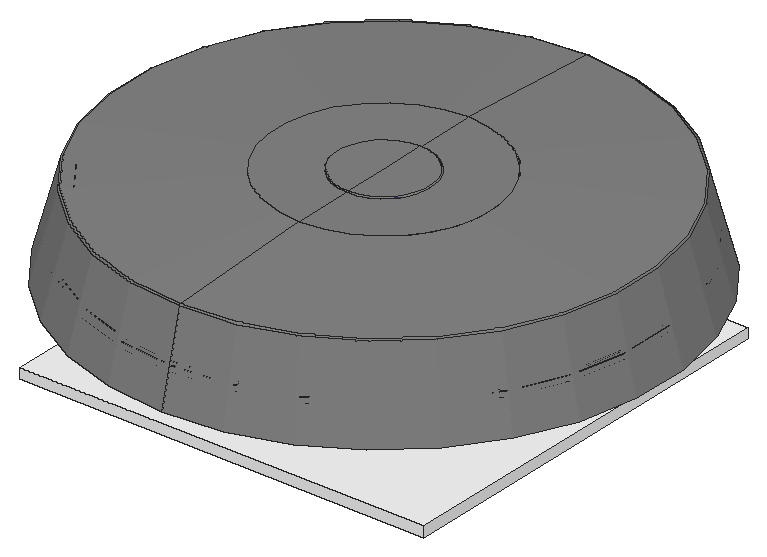
Revit family "BE_85011_de_DE", category Leuchten, Revit 2020
Family settings
  Basisbauteil = Fläche
  Bemaßung runder Anschluss = Durchmesser verwenden
  Teiletyp = Normal
  Beim Laden mit Abzugskörper schneiden = Ja
  Lichtquelle = Ja
  Gemeinsam genutzt = Nein
  Raumberechnungspunkt = Ja
Parameters (values of type "BEGA_85011_Grafit_K3")
  built-in parameter 1150104 = 15.368 (stored number, unit not read)
  Windangriffsfläche = ""
  Werkzeuglos = ""
  Wattage = 24 W
  Default Elevation = 0 mm
  built-in parameter 1150113 = 1 (stored number, unit not read)
  built-in parameter 1114218 = 1 (stored number, unit not read)
  Umgebungstemperatur = "25 °C"
  URL = "https://www.bega.com/de/produkt/85011"
  Typenkommentare = "© 2022 BEGA. Wir behalten uns das Recht vor, technische Änderungen ohne vorherige Ankündigung vorzunehmen."  # constant formula
  built-in parameter 1150134 = (empty or 0)
  built-in parameter 1150109 = 1 (stored number, unit not read)
  Strom = ""
  built-in parameter 1150110 = 1 (stored number, unit not read)
  Spannung = 239.996 V
  Sonderanfertigung = no
  Seriennummer [instance] = "Hier können Sie die eindeutige Seriennummer für das Facility Management eintragen."
  Schutzklasse = "II"
  Schutzart = "IP 65"
  Scheinlast = 0 VA
  Produktdatenblatt = "https://cdn.bega.com/bega/products/85011AK3/current/documents/data-sheets/de"
  Oberflächentemperatur = ""
  Neigungswinkel = 0.00°
  Modell = "85011K3"
  Material_18 = BEGA_Gummi_schwarz
  Material_17 = BEGA_Reflektor
  Material_15 = BEGA_Leuchtmedium_matt
  Material_11 = BEGA_Glas_opal
  Material_09 = BEGA_Glas_klar
  Material_06 = BEGA_Oberfläche_Edelstahl_gebürstet
  Material_03 = BEGA_Oberfläche_Weiss_matt
  Material_02 = BEGA_Oberfläche_Silber_matt
  Material_01 [instance] = BEGA_Oberfläche_Grafit_matt
  Mastzopfhöhe_h = ""
  Mastzopfdurchmesser_d = ""
  Mastzopf_Ø [instance] = "76 mm"  # constant formula
  Masthöhe_H = ""
  Mastdurchmesser_unten_Ø = ""
  Mast Gruppe = ""
  M_G = yes
  M_A = no
  Logo = 0
  built-in parameter 1114217 = 1 (stored number, unit not read)
  built-in parameter 1150139 = (empty or 0)
  built-in parameter 1150105 = 315.93 (stored number, unit not read)
  built-in parameter 1150114 = 1 (stored number, unit not read)
  Lumens = 3970.08 lm
  Lichtpunkthöhe [instance] = ""
  built-in parameter 1150115 = 1 (stored number, unit not read)
  Leuchtenlichtstrom = "3269 lm"
  Leuchtenanzahl = ""
  Lebensdauerkriterien = "L70B50 @ 25 °C = 180000 h"
  Lastklassifizierung = Beleuchtung
  built-in parameter 1150112 = 1 (stored number, unit not read)
  Lampenlichtstrom = "3970 lm"
  Lampe = "LED 24 W"
  LED_Modulbezeichnung = "LED-1281/830"
  built-in parameter 1150142 = (empty or 0)
  Hersteller = "BEGA"  # constant formula
  Halbstreuwinkel = ""
  Gewicht = "8.0 kg"
  Frequenz = "0/50-60 Hz"
  Farbwiedergabeindex = "CRI > 80"
  Farbtemperaturverschiebung bei Dämpfen der Lampe = <Keine Auswahl>
  Farbtemperatur = "3000 K"
  Color Filter = 16777215
  Erdstücklänge_E = ""
  Erdstück [instance] = no
  built-in parameter 1150133 = 10 (stored number, unit not read)
  Energieeffizienzklasse = "LED A++ - A"
  Einstecktiefe = "65 mm"
  built-in parameter 1150137 = (empty or 0)
  built-in parameter 1150132 = (empty or 0)
  Einbauöffnung = ""
  Einbautiefe = ""
  ENEC = ""
  Durchmesser_Fussplatte_D = ""
  Dimmbar [instance] = "DALI"
  Datei für fotometrisches Netz = "BE_85011K3.IES"
  CE_Konformität = "ja"
  Bestellnummer_Erdstück [instance] = ""
  Bestellnummer = "85011K3"
  Beschreibung_Sonderanfertigung = "Hier können Sie Informationen zur Sonderanfertigung eintragen."
  Beschreibung = "Aufsatzleuchte"
  built-in parameter 1150106 = 3.1593 (stored number, unit not read)
  Befestigungsbohrung = ""
  Befestigungsabstand = ""
  Anschlussleitung = "6.0 m X05BQ-F 4 × 1 mm²"
  Anschlussleistung [instance] = "27 W"
  Anschlusskasten = ""
  built-in parameter 1150107 = 3000 (stored number, unit not read)
  built-in parameter 1150102 = (empty or 0)
  built-in parameter 1150138 = (empty or 0)
  Aktualisierung = "2022-08-26T04:00:07"
  Abstand_zur_angestrahlten_Fläche [instance] = ""
  AC/DC = "AC/DC"
Types (4, lengths in mm): name | built-in parameter 1150104 | built-in parameter 1150134 | Modell | M_G | M_A | built-in parameter 1150105 | Lumens | Leuchtenlichtstrom | Lampenlichtstrom | LED_Modulbezeichnung | Farbtemperatur | Datei für fotometrisches Netz | Bestellnummer | built-in parameter 1150106 | built-in parameter 1150107
  BEGA_85011_Silber_K3 | 15.368 (stored number, unit not read) | (empty or 0) | "85011AK3" | no | yes | 315.93 (stored number, unit not read) | 3970.08 lm | "3269 lm" | "3970 lm" | "LED-1281/830" | "3000 K" | "BE_85011K3.IES" | "85011AK3" | 3.1593 (stored number, unit not read) | 3000 (stored number, unit not read)
  BEGA_85011_Grafit_K3 | 15.368 (stored number, unit not read) | (empty or 0) | "85011K3" | yes | no | 315.93 (stored number, unit not read) | 3970.08 lm | "3269 lm" | "3970 lm" | "LED-1281/830" | "3000 K" | "BE_85011K3.IES" | "85011K3" | 3.1593 (stored number, unit not read) | 3000 (stored number, unit not read)
  BEGA_85011_Silber_K4 | 16.142 (stored number, unit not read) | 12 | "85011AK4" | no | yes | 331.84 (stored number, unit not read) | 4170 lm | "3433 lm" | "4170 lm" | "LED-1281/840" | "4000 K" | "BE_85011K4.IES" | "85011AK4" | 3.3184 (stored number, unit not read) | 4000 (stored number, unit not read)
  BEGA_85011_Grafit_K4 | 16.142 (stored number, unit not read) | 12 | "85011K4" | yes | no | 331.84 (stored number, unit not read) | 4170 lm | "3433 lm" | "4170 lm" | "LED-1281/840" | "4000 K" | "BE_85011K4.IES" | "85011K4" | 3.3184 (stored number, unit not read) | 4000 (stored number, unit not read)
Reference planes
  plane 1 "Mitte (Vorne/Hinten)": y = 0
  plane 2: z = 0
  plane 3 "Mitte (Links/Rechts)": x = 0
  plane 4 "Links": x = -275
  plane 5 "Rechts": x = 275
  plane 6 "Unten": y = -275
  plane 7 "Oben": y = 275
  plane 8 "Vorne": z = 158.894
  plane 9 "Hinten": z = 0
Forms (mm)
  Extrusion 1, solid, material "BEGA_Platte_Weiss"
    sketch origin (0, -1119.2, 0) x (1, 0, 0) y (0, 1, 0)
      loop
        line (-200, 1319.2) -> (-200, 919.2) -> (200, 919.2) -> (200, 1319.2) -> (-200, 1319.2)
    from 0 to -10
  Extrusion 2, solid, material "BEGA_Dummy_matt", not visible
    sketch origin (77.149, -76.023, 0) x (1, 0, 0) y (0, 1, 0)
      loop
        circle (-77.149, 76.023) r 275
    from 0 to 158.894
Dimensions and locks
  plane 1 "Mitte (Vorne/Hinten)" to Extrusion 1 = 200 mm
  aligned and locked: plane 2 to Extrusion 1
  aligned and locked: level to Extrusion 1
Nested families
  nested 1: "BE_85011_Leuchte" at (0, 0, 0) x (0, 1, 0) z (0, 0, 1), type "BE_85011_Leuchte"
Connectors
  electrical at (0, 0, 0), driven by "Lastklassifizierung", driven by "Spannung", driven by "Scheinlast"
    settings: index 1, voltage 239.996 V, apparent load 0 VA, apparent load phase1 0 VA, apparent load phase2 0 VA, apparent load phase3 0 VA, power factor 1, load classification "Beleuchtung", number of poles 1, system type 31, power factor state 1, is connector primary yes, connector utility no, sub classification motor no, connector description ""
Definition of nested family "BE_85011_Leuchte"
  Parameters (values of type "BE_85011_Leuchte")
    Default Elevation = 1 mm
    URL = "http://www.bega.de/de/produkt"
    Type Comments = "© 2015 BEGA. Wir behalten uns das Recht vor, technische Änderungen ohne vorherige Ankündigung vorzunehmen. "  # constant formula
    Type Image = (empty or 0)
    Material_18 = none
    Material_11 = none
    Material_06 = none
    Material_03 = none
    Material_02 = none
    Material_01 = none
    M_G = yes
    M_A = yes
    Länge_Platte = 200 mm  # constant formula
    Höhe_Platte = -10 mm  # constant formula
    Manufacturer = "BEGA"  # constant formula
    Breite_Platte = 200 mm  # constant formula
  Reference planes
    plane 1 "Mitte (Oben/Unten)": y = 0
    plane 2: z = 0
    plane 3 "Mitte (Links/Rechts)": x = 0
    plane 4 "Vorne": z = 158.894
    plane 5 "Hinten": z = 0
    plane 6 "Links": x = -275
    plane 7 "Rechts": x = 275
    plane 8 "Oben": y = 275
    plane 9 "Unten": y = -275
  Forms (mm)
    Extrusion 1, solid, detail levels medium
      sketch origin (0, 0, 0) x (1, 0, 0) y (0, 1, 0)
        loop
          line (-100, 100) -> (-100, -100) -> (100, -100) -> (100, 100) -> (-100, 100)
      from 0 to -10 <- "Höhe_Platte"
    Revolve 2, solid, material <- "Material_11"
      sketch origin (0, 0, 0) x (1, 0, 0) y (0, 0, 1)
        loop
          line (-72.234, 70.884) -> (-256.441, 96.773)
          arc (-256.441, 96.773) -> (-256.796, 96.961) -> (-256.947, 97.334) r 0.588
          line (-256.947, 97.334) -> (-256.976, 98.174)
          arc (-256.976, 98.174) -> (-257.19, 98.653) -> (-257.677, 98.85) r 0.701
          line (-257.677, 98.85) -> (-262, 98.85) -> (-261.803, 93.217)
          arc (-261.803, 93.217) -> (-261.576, 92.655) -> (-261.04, 92.37) r 0.887
          line (-261.04, 92.37) -> (-66.623, 65.046)
          arc (-66.623, 65.046) -> (-65.851, 65.257) -> (-65.471, 65.963) r 1.015
          line (-65.471, 65.963) -> (-65.085, 70.375)
          arc (-65.085, 70.375) -> (-64.743, 71.069) -> (-64.021, 71.35) r 1.068
          line (-64.021, 71.35) -> (-51, 71.35) -> (-50.563, 76.35) -> (-67.897, 76.35)
          arc (-67.897, 76.35) -> (-69.286, 75.789) -> (-69.896, 74.42) r 2
          line (-69.896, 74.42) -> (-69.953, 72.794)
          arc (-69.953, 72.794) -> (-70.668, 71.33) -> (-72.234, 70.884) r 2
        axis (0, 98.85) -> (0, 65.046)
      angle from 0 to 360
    Revolve 3, solid, material <- "Material_01", visible <- "M_G"
      sketch origin (0, 0, 0) x (1, 0, 0) y (0, 0, 1)
        loop
          arc (-105.314, 157.9) -> (-178.232, 155.679) -> (-250.883, 149.064) r 1208.667
          arc (-250.883, 149.064) -> (-251.95, 148.591) -> (-252.572, 147.603) r 2
          line (-252.572, 147.603) -> (-275, 63.9) -> (-272.101, 63.9) -> (-256.292, 122.9) -> (-241, 122.9) -> (-240.148, 147.301)
          arc (-240.148, 147.301) -> (-120.149, 154.805) -> (0, 150.319) r 1205.667
          line (0, 150.319) -> (0, 158.894) -> (-45.024, 158.894) -> (-46.018, 157.9) -> (-105.314, 157.9)
        axis (0, 158.894) -> (0, 63.9)
      angle from 0 to 360
    Revolve 4, solid, material <- "Material_18"
      sketch origin (0, 0, 0) x (1, 0, 0) y (0, 0, 1)
        loop
          arc (-262.4, 100) -> (-261.814, 98.586) -> (-260.4, 98) r 2
          arc (-260.4, 98) -> (-258.986, 101.414) -> (-262.4, 100) r 2
        axis (0, 100) -> (0, 98)
      angle from 0 to 360
    Revolve 5, solid, material <- "Material_01", visible <- "M_G"
      sketch origin (0, 0, 0) x (1, 0, 0) y (0, 0, 1)
        loop
          line (-64.082, 71.2) -> (-64.029, 65.839)
          arc (-64.029, 65.839) -> (-63.772, 65.203) -> (-63.166, 64.883) r 1
          line (-63.166, 64.883) -> (-50.025, 63.036)
          arc (-50.025, 63.036) -> (-49.422, 62.713) -> (-49.168, 62.079) r 1
          line (-49.168, 62.079) -> (-47.032, 0.929)
          arc (-47.032, 0.929) -> (-46.739, 0.27) -> (-46.071, 0) r 0.962
          line (-46.071, 0) -> (-39.567, 0) -> (-39, 65) -> (0, 65) -> (0, 71.2) -> (-64.216, 71.2)
        axis (0, 71.2) -> (0, 0)
      angle from 0 to 360
    Revolve 6, void
      sketch origin (0, 0.026, 0) x (1, 0, 0) y (0, 0, 1)
        loop
          line (-51, 35) -> (-31, 35) -> (-31, 39.2) -> (-51, 39.2) -> (-51, 35)
        axis (-51, 35) -> (-31, 35)
      angle from 0 to 360
    Revolve 7, void
      sketch origin (0.068, 0.013, 0) x (-0.5, -0.866025, 0) y (0, 0, 1)
        loop
          line (-51, 35) -> (-31, 35) -> (-31, 39.2) -> (-51, 39.2) -> (-51, 35)
        axis (-51, 35) -> (-31, 35)
      angle from 0 to 360
    Revolve 8, void
      sketch origin (0.023, -0.039, 0) x (-0.5, 0.866025, 0) y (0, 0, 1)
        loop
          line (-51, 35) -> (-31, 35) -> (-31, 39.2) -> (-51, 39.2) -> (-51, 35)
        axis (-51, 35) -> (-31, 35)
      angle from 0 to 360
    Revolve 9, solid, material <- "Material_06"
      sketch origin (0, 0.026, 0) x (1, 0, 0) y (0, 0, 1)
        loop
          line (-49, 38.25) -> (-49, 35) -> (-39, 35) -> (-39, 37.527) -> (-40.473, 39) -> (-48.25, 39) -> (-49, 38.25)
        axis (-49, 35) -> (-39, 35)
      angle from 0 to 360
    Revolve 10, solid, material <- "Material_03"
      sketch origin (0, 0, 0) x (1, 0, 0) y (0, 0, 1)
        loop
          line (-254, 120.9) -> (-254, 116.2) -> (-40, 116.2) -> (-40, 120.9) -> (-254, 120.9)
        axis (0, 116.2) -> (0, 120.9)
      angle from 0 to 360
    Revolve 11, solid, material <- "Material_06"
      sketch origin (0.068, 0.013, 0) x (-0.5, -0.866025, 0) y (0, 0, 1)
        loop
          line (-49, 38.25) -> (-49, 35) -> (-39, 35) -> (-39, 37.527) -> (-40.473, 39) -> (-48.25, 39) -> (-49, 38.25)
        axis (-49, 35) -> (-39, 35)
      angle from 0 to 360
    Revolve 12, solid, material <- "Material_06"
      sketch origin (0.023, -0.039, 0) x (-0.5, 0.866025, 0) y (0, 0, 1)
        loop
          line (-49, 38.25) -> (-49, 35) -> (-39, 35) -> (-39, 37.527) -> (-40.473, 39) -> (-48.25, 39) -> (-49, 38.25)
        axis (-49, 35) -> (-39, 35)
      angle from 0 to 360
    Revolve 13, solid, material <- "Material_02", visible <- "M_A"
      sketch origin (0, 0, 0) x (1, 0, 0) y (0, 0, 1)
        loop
          arc (-105.314, 157.9) -> (-178.232, 155.679) -> (-250.883, 149.064) r 1208.667
          arc (-250.883, 149.064) -> (-251.95, 148.591) -> (-252.572, 147.603) r 2
          line (-252.572, 147.603) -> (-275, 63.9) -> (-272.101, 63.9) -> (-256.292, 122.9) -> (-241, 122.9) -> (-240.148, 147.301)
          arc (-240.148, 147.301) -> (-120.149, 154.805) -> (0, 150.319) r 1205.667
          line (0, 150.319) -> (0, 158.894) -> (-45.024, 158.894) -> (-46.018, 157.9) -> (-105.314, 157.9)
        axis (0, 158.894) -> (0, 63.9)
      angle from 0 to 360
    Extrusion 14, void
      sketch origin (-0.045, 0, 0) x (0, 1, 0) y (0, 0, 1)
        loop
          line (-0.866, 36.5) -> (-1.732, 35) -> (-0.866, 33.5) -> (0.866, 33.5) -> (1.732, 35) -> (0.866, 36.5) -> (-0.866, 36.5)
      from -52.631 to -45.054
    Extrusion 15, void
      sketch origin (0.068, 0.066, 0) x (0.866025, -0.5, 0) y (0, 0, 1)
        loop
          line (-0.866, 36.5) -> (-1.732, 35) -> (-0.866, 33.5) -> (0.866, 33.5) -> (1.732, 35) -> (0.866, 36.5) -> (-0.866, 36.5)
      from -52.631 to -45.054
    Extrusion 16, void
      sketch origin (0.068, -0.065, 0) x (-0.866025, -0.5, 0) y (0, 0, 1)
        loop
          line (-0.866, 36.5) -> (-1.732, 35) -> (-0.866, 33.5) -> (0.866, 33.5) -> (1.732, 35) -> (0.866, 36.5) -> (-0.866, 36.5)
      from -52.631 to -45.054
    Revolve 17, solid, material <- "Material_02", visible <- "M_A"
      sketch origin (0, 0, 0) x (1, 0, 0) y (0, 0, 1)
        loop
          line (-64.082, 71.2) -> (-64.029, 65.839)
          arc (-64.029, 65.839) -> (-63.772, 65.203) -> (-63.166, 64.883) r 1
          line (-63.166, 64.883) -> (-50.025, 63.036)
          arc (-50.025, 63.036) -> (-49.422, 62.713) -> (-49.168, 62.079) r 1
          line (-49.168, 62.079) -> (-47.032, 0.929)
          arc (-47.032, 0.929) -> (-46.739, 0.27) -> (-46.071, 0) r 0.962
          line (-46.071, 0) -> (-39.567, 0) -> (-39, 65) -> (0, 65) -> (0, 71.2) -> (-64.216, 71.2)
        axis (0, 71.2) -> (0, 0)
      angle from 0 to 360
  Cuts and joins
    Revolve 6, Revolve 7, Revolve 8, Extrusion 14 cuts Revolve 5
    Extrusion 14, Extrusion 15 cuts Revolve 9
    Extrusion 16 cuts Revolve 12
    Extrusion 15 cuts Revolve 11
    Revolve 6, Revolve 7, Revolve 8 cuts Revolve 17
  Dimensions and locks
    equal spacing: Extrusion 1 sketch curve, plane 3 "Mitte (Links/Rechts)", Extrusion 1 sketch curve
    equal spacing: Extrusion 1 sketch curve, plane 1 "Mitte (Oben/Unten)", Extrusion 1 sketch curve
    "Länge_Platte": Extrusion 1 sketch curve to Extrusion 1 sketch curve
    "Breite_Platte": Extrusion 1 sketch curve to Extrusion 1 sketch curve
    aligned and locked: plane 2 to Extrusion 1
    aligned and locked: level to Extrusion 1
  Automatic sketch dimensions
    plane 6 "Links" to Revolve 2 sketch curve = 13 mm
    Revolve 2 sketch curve to Revolve 2 sketch curve = 0.197 mm
    Revolve 2 sketch curve to Revolve 2 sketch curve = 0.763 mm
    Revolve 2 sketch curve to Revolve 2 sketch curve = 0.887 mm
    Revolve 2 sketch curve to Revolve 2 sketch curve = 4.323 mm
    Revolve 2 sketch curve to Revolve 2 sketch curve = 0.7 mm
    Revolve 2 sketch curve to Revolve 2 sketch curve = 0.029 mm
    Revolve 2 sketch curve to Revolve 2 sketch curve = 0.506 mm
    Revolve 2 sketch curve to Revolve 2 sketch curve = 0.588 mm
    Revolve 2 sketch curve to plane 3 "Mitte (Links/Rechts)" = 71.951 mm
    Revolve 2 sketch curve to Revolve 2 sketch curve = 1.999 mm  (x2)
    Revolve 2 sketch curve to Revolve 2 sketch curve = 0.057 mm
    Revolve 2 sketch curve to Revolve 2 sketch curve = 3.329 mm
    Revolve 2 sketch curve to Revolve 2 sketch curve = 0.141 mm
    Revolve 2 sketch curve to Revolve 2 sketch curve = 1.011 mm
    Revolve 2 sketch curve to Revolve 2 sketch curve = 0.386 mm
    Revolve 2 sketch curve to Revolve 2 sketch curve = 1.064 mm
    Revolve 2 sketch curve to Revolve 2 sketch curve = 13.021 mm
    Revolve 2 sketch curve to Revolve 2 sketch curve = 0.437 mm
    level to Revolve 2 sketch curve = 65.046 mm
    Revolve 2 sketch curve to Revolve 2 sketch curve = 0.916 mm
    Revolve 2 sketch curve to Revolve 2 sketch curve = 4.319 mm
    Revolve 2 sketch curve to Revolve 2 sketch curve = 0.093 mm
    Revolve 2 sketch curve to Revolve 2 sketch curve = 2.419 mm
    Revolve 2 sketch curve to Revolve 2 sketch curve = 0.07 mm
    Revolve 2 sketch curve to Revolve 2 sketch curve = 1.556 mm
    Revolve 2 sketch curve to Revolve 2 sketch curve = 1.626 mm
    Revolve 2 sketch curve to plane 4 "Vorne" = 66.524 mm
    Revolve 2 sketch curve to Revolve 2 sketch curve = 0.848 mm
    Revolve 2 sketch curve to Revolve 2 sketch curve = 3.524 mm
    Revolve 2 sketch curve to Revolve 2 sketch curve = 0.562 mm
    Revolve 2 sketch curve to Revolve 2 sketch curve = 0.815 mm
    Revolve 2 sketch curve to Revolve 2 sketch curve = 0.024 mm
    Revolve 2 sketch curve to Revolve 2 sketch curve = 0.283 mm
    Revolve 2 sketch curve to plane 3 "Mitte (Links/Rechts)" = 0 mm
    Revolve 2 sketch curve to plane 5 "Hinten" = 509.6 mm
    plane 4 "Vorne" to Revolve 2 sketch curve = 2450.164 mm
    Revolve 3 sketch curve to Revolve 3 sketch curve = 0 mm  (x3)
    Revolve 3 sketch curve to plane 4 "Vorne" = 0 mm
    Revolve 3 sketch curve to plane 6 "Links" = 0 mm
    Revolve 3 sketch curve to plane 3 "Mitte (Links/Rechts)" = 0 mm  (x2)
    plane 6 "Links" to Revolve 3 sketch curve = 18.708 mm
    Revolve 3 sketch curve to Revolve 3 sketch curve = 15.292 mm
    Revolve 3 sketch curve to plane 4 "Vorne" = 11.593 mm
    Revolve 3 sketch curve to Revolve 3 sketch curve = 10.494 mm
    Revolve 3 sketch curve to plane 3 "Mitte (Links/Rechts)" = 105.314 mm
    Revolve 3 sketch curve to plane 3 "Mitte (Links/Rechts)" = 105 mm
    Revolve 3 sketch curve to Revolve 3 sketch curve = 0.223 mm
    Revolve 3 sketch curve to Revolve 3 sketch curve = 24.401 mm
    Revolve 3 sketch curve to Revolve 3 sketch curve = 59 mm
    Revolve 3 sketch curve to Revolve 3 sketch curve = 0.241 mm
    Revolve 3 sketch curve to plane 4 "Vorne" = 8.575 mm
    Revolve 3 sketch curve to plane 3 "Mitte (Links/Rechts)" = 46.018 mm
    Revolve 3 sketch curve to plane 4 "Vorne" = 0.994 mm
    Revolve 3 sketch curve to Revolve 3 sketch curve = 0.994 mm
    Revolve 3 sketch curve to Revolve 3 sketch curve = 2.899 mm
    Revolve 3 sketch curve to Revolve 3 sketch curve = 5.65 mm
    Revolve 3 sketch curve to Revolve 3 sketch curve = 1.93 mm
    Revolve 3 sketch curve to Revolve 3 sketch curve = 441.167 mm
    Revolve 3 sketch curve to Revolve 3 sketch curve = 0.524 mm
    Revolve 3 sketch curve to Revolve 3 sketch curve = 2450.164 mm
    Revolve 4 sketch curve to Revolve 4 sketch curve = 0 mm  (x3)
    plane 6 "Links" to Revolve 4 sketch curve = 14.6 mm
    Revolve 4 sketch curve to plane 4 "Vorne" = 58.894 mm
    Revolve 4 sketch curve to Revolve 4 sketch curve = 2 mm
    Revolve 5 sketch curve to level = 0 mm
    Revolve 5 sketch curve to plane 3 "Mitte (Links/Rechts)" = 0 mm
    Revolve 5 sketch curve to plane 3 "Mitte (Links/Rechts)" = 39 mm
    Revolve 5 sketch curve to plane 3 "Mitte (Links/Rechts)" = 39.567 mm
    Revolve 5 sketch curve to Revolve 5 sketch curve = 6.503 mm
    level to Revolve 5 sketch curve = 0.929 mm
    Revolve 5 sketch curve to Revolve 5 sketch curve = 0.962 mm
    Revolve 5 sketch curve to Revolve 5 sketch curve = 10.168 mm
    Revolve 5 sketch curve to Revolve 5 sketch curve = 0.857 mm
    Revolve 5 sketch curve to Revolve 5 sketch curve = 0.143 mm
    Revolve 5 sketch curve to Revolve 5 sketch curve = 13.005 mm
    Revolve 5 sketch curve to Revolve 5 sketch curve = 0.136 mm
    Revolve 5 sketch curve to Revolve 5 sketch curve = 0.999 mm
    Revolve 5 sketch curve to Revolve 5 sketch curve = 61.117 mm
    Revolve 5 sketch curve to Revolve 5 sketch curve = 0.033 mm
    Revolve 5 sketch curve to Revolve 5 sketch curve = 1.847 mm
    Revolve 5 sketch curve to Revolve 5 sketch curve = 2.921 mm
    Revolve 5 sketch curve to Revolve 5 sketch curve = 0.956 mm
    Revolve 5 sketch curve to Revolve 5 sketch curve = 6.2 mm
    Revolve 5 sketch curve to Revolve 5 sketch curve = 0.053 mm
    Revolve 5 sketch curve to Revolve 5 sketch curve = 0.134 mm
    Revolve 6 sketch curve to Revolve 6 sketch curve = 20 mm
    Revolve 6 sketch curve to Revolve 6 sketch curve = 4.2 mm
    Revolve 6 sketch curve to Revolve 6 sketch curve = 0 mm  (x2)
    Revolve 6 sketch curve to Revolve 6 sketch curve = 6 mm
    Revolve 7 sketch curve to Revolve 7 sketch curve = 20 mm
    Revolve 7 sketch curve to Revolve 7 sketch curve = 4.2 mm
    Revolve 7 sketch curve to Revolve 7 sketch curve = 0 mm  (x2)
    Revolve 7 sketch curve to Revolve 7 sketch curve = 6 mm
    Revolve 8 sketch curve to Revolve 8 sketch curve = 20 mm
    Revolve 8 sketch curve to Revolve 8 sketch curve = 4.2 mm
    Revolve 8 sketch curve to Revolve 8 sketch curve = 0 mm  (x2)
    Revolve 8 sketch curve to Revolve 8 sketch curve = 6 mm
    Revolve 9 sketch curve to Revolve 9 sketch curve = 0.75 mm  (x2)
    Revolve 9 sketch curve to Revolve 9 sketch curve = 7.777 mm
    Revolve 9 sketch curve to Revolve 9 sketch curve = 1.473 mm  (x2)
    Revolve 9 sketch curve to Revolve 9 sketch curve = 2.527 mm
    Revolve 10 sketch curve to plane 3 "Mitte (Links/Rechts)" = 0 mm
    Revolve 10 sketch curve to plane 3 "Mitte (Links/Rechts)" = 40 mm
    plane 6 "Links" to Revolve 10 sketch curve = 21 mm
    Revolve 10 sketch curve to plane 4 "Vorne" = 42.694 mm
    Revolve 10 sketch curve to Revolve 10 sketch curve = 4.7 mm
    level to Revolve 10 sketch curve = 63 mm
    Revolve 10 sketch curve to plane 4 "Vorne" = 26.394 mm
    Revolve 9 sketch curve to Revolve 9 sketch curve = 2 mm  (x2)
    Revolve 9 sketch curve to Revolve 9 sketch curve = 0 mm
    Revolve 11 sketch curve to Revolve 11 sketch curve = 0.75 mm  (x2)
    Revolve 11 sketch curve to Revolve 11 sketch curve = 7.777 mm
    Revolve 11 sketch curve to Revolve 11 sketch curve = 1.473 mm  (x2)
    Revolve 11 sketch curve to Revolve 11 sketch curve = 2.527 mm
    Revolve 11 sketch curve to Revolve 11 sketch curve = 2 mm  (x2)
    Revolve 11 sketch curve to Revolve 11 sketch curve = 0 mm
    Revolve 12 sketch curve to Revolve 12 sketch curve = 0.75 mm  (x2)
    Revolve 12 sketch curve to Revolve 12 sketch curve = 7.777 mm
    Revolve 12 sketch curve to Revolve 12 sketch curve = 1.473 mm  (x2)
    Revolve 12 sketch curve to Revolve 12 sketch curve = 2.527 mm
    Revolve 12 sketch curve to Revolve 12 sketch curve = 2 mm  (x2)
    Revolve 12 sketch curve to Revolve 12 sketch curve = 0 mm
    Revolve 13 sketch curve to Revolve 13 sketch curve = 0 mm  (x3)
    Revolve 13 sketch curve to plane 6 "Links" = 0 mm
    Revolve 13 sketch curve to plane 4 "Vorne" = 0 mm
    Revolve 13 sketch curve to plane 3 "Mitte (Links/Rechts)" = 0 mm  (x2)
    Revolve 13 sketch curve to Revolve 13 sketch curve = 2.899 mm
    plane 6 "Links" to Revolve 13 sketch curve = 18.708 mm
    plane 6 "Links" to Revolve 13 sketch curve = 22.428 mm
    Revolve 13 sketch curve to Revolve 13 sketch curve = 1.93 mm
    Revolve 13 sketch curve to Revolve 13 sketch curve = 15.292 mm
    Revolve 13 sketch curve to plane 4 "Vorne" = 11.593 mm
    Revolve 13 sketch curve to Revolve 13 sketch curve = 10.494 mm
    Revolve 13 sketch curve to plane 4 "Vorne" = 0.994 mm
    Revolve 13 sketch curve to plane 3 "Mitte (Links/Rechts)" = 105.314 mm
    Revolve 13 sketch curve to plane 3 "Mitte (Links/Rechts)" = 105 mm
    Revolve 13 sketch curve to plane 3 "Mitte (Links/Rechts)" = 46.018 mm
    Revolve 13 sketch curve to Revolve 13 sketch curve = 0.994 mm
    Revolve 13 sketch curve to Revolve 13 sketch curve = 0.223 mm
    Revolve 13 sketch curve to Revolve 13 sketch curve = 24.178 mm
    Revolve 13 sketch curve to Revolve 13 sketch curve = 59 mm
    Revolve 13 sketch curve to level = 1050.767 mm
    Revolve 13 sketch curve to Revolve 13 sketch curve = 0.524 mm
    Revolve 13 sketch curve to Revolve 13 sketch curve = 0.241 mm
    Revolve 13 sketch curve to Revolve 13 sketch curve = 441.167 mm
    Revolve 13 sketch curve to Revolve 13 sketch curve = 2450.164 mm
    Extrusion 14 sketch curve to Extrusion 14 sketch curve = 0.866 mm  (x3)
    Extrusion 14 sketch curve to Extrusion 14 sketch curve = 1.5 mm  (x3)
    Extrusion 14 sketch curve to Extrusion 14 sketch curve = 1.732 mm  (x2)
    Extrusion 15 sketch curve to Extrusion 15 sketch curve = 0.866 mm  (x3)
    Extrusion 15 sketch curve to Extrusion 15 sketch curve = 1.5 mm  (x3)
    Extrusion 15 sketch curve to Extrusion 15 sketch curve = 1.732 mm  (x2)
    Extrusion 16 sketch curve to Extrusion 16 sketch curve = 0.866 mm  (x3)
    Extrusion 16 sketch curve to Extrusion 16 sketch curve = 1.5 mm  (x3)
    Extrusion 16 sketch curve to Extrusion 16 sketch curve = 1.732 mm  (x2)
    Revolve 17 sketch curve to level = 0 mm
    Revolve 17 sketch curve to plane 3 "Mitte (Links/Rechts)" = 0 mm  (x2)
    Revolve 17 sketch curve to Revolve 17 sketch curve = 39 mm
    Revolve 17 sketch curve to plane 3 "Mitte (Links/Rechts)" = 39.567 mm
    Revolve 17 sketch curve to Revolve 17 sketch curve = 6.503 mm
    level to Revolve 17 sketch curve = 0.929 mm
    Revolve 17 sketch curve to Revolve 17 sketch curve = 0.962 mm
    Revolve 17 sketch curve to Revolve 17 sketch curve = 10.168 mm
    Revolve 17 sketch curve to Revolve 17 sketch curve = 0.857 mm
    Revolve 17 sketch curve to Revolve 17 sketch curve = 0.143 mm
    Revolve 17 sketch curve to Revolve 17 sketch curve = 13.005 mm
    Revolve 17 sketch curve to Revolve 17 sketch curve = 0.136 mm
    Revolve 17 sketch curve to Revolve 17 sketch curve = 0.999 mm
    Revolve 17 sketch curve to Revolve 17 sketch curve = 61.117 mm
    Revolve 17 sketch curve to Revolve 17 sketch curve = 0.033 mm
    Revolve 17 sketch curve to Revolve 17 sketch curve = 1.847 mm
    Revolve 17 sketch curve to Revolve 17 sketch curve = 2.921 mm
    Revolve 17 sketch curve to Revolve 17 sketch curve = 0.956 mm
    Revolve 17 sketch curve to Revolve 17 sketch curve = 6.2 mm
    Revolve 17 sketch curve to Revolve 17 sketch curve = 0.053 mm
    Revolve 17 sketch curve to Revolve 17 sketch curve = 0.134 mm
    Revolve 17 sketch curve to level = 609.6 mm
    plane 4 "Vorne" to Revolve 17 sketch curve = 2450.164 mm
